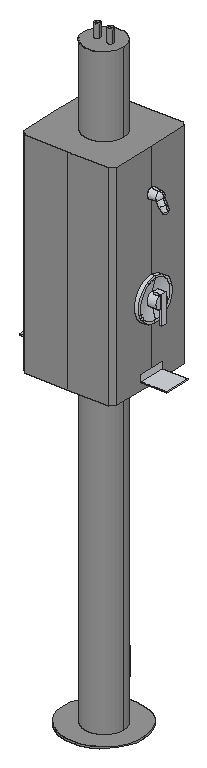
Revit family "Column_Shower-Willoughby-CWCSY-3", category Plumbing Fixtures, Revit 2015
Parameters (values of type "Standard")
  water line = Copper
  Waste Connection = no
  Vent Connection = no
  URL = "https://www.willoughby-ind.com/wp-content/uploads/2018/01/CWCSY.pdf"
  Revision = "A"
  Model = "CWCSY-3"
  Manufacturer = "Willoughby Industries"
  HW Connection = yes
  HCW DIA = 3/4"
  Fixture Body = Stainless Steel AISI 304-Willoughby
  Description = "3 Station Column Shower"
  Default Elevation = 0' - 0"
  Contact = "(800) 428-4065"
  CW Connection = yes
Reference planes (in)
  plane 1 "Center (Front/Back)": y = 0
  plane 2: z = 0
  plane 3 "Center (Left/Right)": x = 0
  plane 4 "Top Mounting Tube HGT": z = 92
  plane 5 "Shower Head HGT": z = 72
  plane 6 "Valve HGT": z = 60
  plane 7 "Soap dish HGT": z = 42
  plane 8 "Access": z = 6
  plane 9: x = -2
  plane 10: x = 2
  plane 11: x = -7.9375
  plane 12: x = 7.9375
  plane 13: through (0, 0, 48) normal (-0.866, -0.5, 0)
  plane 14: x = 1
  plane 15: x = -1
Forms (in)
  Extrusion 1, solid, material "Stainless Steel AISI 304-Willoughby" <- "Fixture Body", detail levels fine
    sketch origin (0, 0, 0) x (1, 0, 0) y (0, 1, 0)
      loop
        circle (0, 0) r 6
    from 0 to 0.25
  Extrusion 2, solid, material "Stainless Steel AISI 304-Willoughby" <- "Fixture Body"
    sketch origin (0, 0, 0) x (1, 0, 0) y (0, 1, 0)
      loop
        circle (0, 0) r 3
    from 0 to 92
  Extrusion 3, solid, material "Stainless Steel AISI 304-Willoughby" <- "Fixture Body", detail levels fine
    sketch origin (0, 0, 6) x (1, 0, 0) y (0, 1, 0)
      loop
        line (2, 2.23607) -> (2.07433, 2.3104)
        arc (2.07433, 2.3104) -> (0, 3.10614) -> (-2.07433, 2.3104) r 3.10151
        line (-2.07433, 2.3104) -> (-2, 2.23607)
        arc (-2, 2.23607) -> (0, 3.03719) -> (2, 2.23607) r 2.89705
    from 0 to 4
  Extrusion 4, solid, material "Stainless Steel AISI 304-Willoughby" <- "Fixture Body"
    sketch origin (0, 0, 0) x (1, 0, 0) y (0, 1, 0)
      loop
        line (0, -7) -> (6.29289, -7) -> (7, -6.29289) -> (7, 0) -> (7, 6.29289) -> (6.29289, 7) -> (0, 7) -> (-6.29289, 7) -> (-7, 6.29289) -> (-7, 0) -> (-7, -6.29289) -> (-6.29289, -7) -> (0, -7)
    from 48 to 80
  Revolve 5, solid, material "Copper" <- "water line", detail levels fine
    sketch origin (0, 0, 0) x (1, 0, 0) y (0, 0, 1)
      loop
        line (1, 92) -> (1, 94) -> (0.625, 94) -> (0.625, 92) -> (1, 92)
      axis (1, 94) -> (1, 92)
    angle from 0 to 360
  Revolve 6, solid, material "Copper" <- "water line", detail levels fine
    sketch origin (0, 0, 0) x (1, 0, 0) y (0, 0, 1)
      loop
        line (-1, 92) -> (-1, 94) -> (-1.375, 94) -> (-1.375, 92) -> (-1, 92)
      axis (-1, 94) -> (-1, 92)
    angle from 0 to 360
  Revolve 7, solid
    sketch origin (-0.8125, 0, 0) x (1, 0, 0) y (0, 0, 1)
      loop
        line (7.8125, 73.875) -> (9.6875, 73.875)
        arc (9.6875, 73.875) -> (9.56694, 74.29105) -> (9.1875, 74.5) r 0.56596
        line (9.1875, 74.5) -> (8.0625, 74.625) -> (7.8125, 74.625) -> (7.8125, 73.875)
      axis (7.8125, 73.875) -> (9.6875, 73.875)
    angle from 0 to 360
  Revolve 8, solid
    sketch origin (-0.8125, 0, 0) x (1, 0, 0) y (0, 0, 1)
      loop
        line (9.1875, 73.625) -> (8.75449, 73.375) -> (9.25449, 72.50897) -> (9.73774, 71.92196)
        arc (9.73774, 71.92196) -> (9.95634, 71.81003) -> (10.1875, 71.89295) r 0.30889
        line (10.1875, 71.89295) -> (9.1875, 73.625)
      axis (9.1875, 73.625) -> (10.1875, 71.89295)
    angle from 0 to 360
  Extrusion 9, solid
    sketch origin (-0.8125, 0, 0) x (1, 0, 0) y (0, 0, 1)
      loop
        line (7.8125, 49.25) -> (11.8125, 49.25) -> (11.8125, 49.37) -> (7.9325, 49.37) -> (7.9325, 50.25) -> (7.8125, 50.25) -> (7.8125, 49.25)
    from -2 to 2
  Revolve 10, solid
    sketch origin (-0.8125, 0, 0) x (1, 0, 0) y (0, 0, 1)
      loop
        line (7.8125, 59.75) -> (9.4925, 59.75) -> (9.4925, 60.75) -> (8.08528, 60.75)
        arc (8.08528, 60.75) -> (8.27532, 61.66598) -> (8.5425, 62.5625) r 11
        line (8.5425, 62.5625) -> (8.5425, 62.875) -> (7.8125, 62.875) -> (7.8125, 59.75)
      axis (7.8125, 59.75) -> (9.4925, 59.75)
    angle from 0 to 360
  Extrusion 11, solid
    sketch origin (-0.8125, 0, 0) x (1, 0, 0) y (0, 0, 1)
      loop
        line (9.4925, 56.75) -> (9.805, 56.75) -> (9.805, 61) -> (8.6175, 61) -> (8.6175, 60.5) -> (9.4925, 60.5) -> (9.4925, 56.75)
    from -0.375 to 0.375
  Revolve 12, solid, not visible
    sketch origin (-0.8125, 0, 0) x (1, 0, 0) y (0, 0, 1)
      loop
        line (7.8125, 73.875) -> (9.6875, 73.875)
        arc (9.6875, 73.875) -> (9.56694, 74.29105) -> (9.1875, 74.5) r 0.56596
        line (9.1875, 74.5) -> (8.0625, 74.625) -> (7.8125, 74.625) -> (7.8125, 73.875)
      axis (7.8125, 73.875) -> (9.6875, 73.875)
    angle from 0 to 360
  Revolve 13, solid, not visible
    sketch origin (-0.8125, 0, 0) x (1, 0, 0) y (0, 0, 1)
      loop
        line (9.1875, 73.625) -> (8.75449, 73.375) -> (9.25449, 72.50897) -> (9.73774, 71.92196)
        arc (9.73774, 71.92196) -> (9.95634, 71.81003) -> (10.1875, 71.89295) r 0.30889
        line (10.1875, 71.89295) -> (9.1875, 73.625)
      axis (9.1875, 73.625) -> (10.1875, 71.89295)
    angle from 0 to 360
  Extrusion 14, solid, not visible
    sketch origin (-0.8125, 0, 0) x (1, 0, 0) y (0, 0, 1)
      loop
        line (7.8125, 49.25) -> (11.8125, 49.25) -> (11.8125, 49.37) -> (7.9325, 49.37) -> (7.9325, 50.25) -> (7.8125, 50.25) -> (7.8125, 49.25)
    from -2 to 2
  Revolve 15, solid, not visible
    sketch origin (-0.8125, 0, 0) x (1, 0, 0) y (0, 0, 1)
      loop
        line (7.8125, 59.75) -> (9.4925, 59.75) -> (9.4925, 60.75) -> (8.08528, 60.75)
        arc (8.08528, 60.75) -> (8.27532, 61.66598) -> (8.5425, 62.5625) r 11
        line (8.5425, 62.5625) -> (8.5425, 62.875) -> (7.8125, 62.875) -> (7.8125, 59.75)
      axis (7.8125, 59.75) -> (9.4925, 59.75)
    angle from 0 to 360
  Extrusion 16, solid, not visible
    sketch origin (-0.8125, 0, 0) x (1, 0, 0) y (0, 0, 1)
      loop
        line (9.4925, 56.75) -> (9.805, 56.75) -> (9.805, 61) -> (8.6175, 61) -> (8.6175, 60.5) -> (9.4925, 60.5) -> (9.4925, 56.75)
    from -0.375 to 0.375
  Revolve 17, solid
    sketch origin (0.8125, 0, 0) x (-1, 0, 0) y (0, 0, 1)
      loop
        line (7.8125, 73.875) -> (9.6875, 73.875)
        arc (9.6875, 73.875) -> (9.56694, 74.29105) -> (9.1875, 74.5) r 0.56596
        line (9.1875, 74.5) -> (8.0625, 74.625) -> (7.8125, 74.625) -> (7.8125, 73.875)
      axis (7.8125, 73.875) -> (9.6875, 73.875)
    angle from 0 to 360
  Revolve 18, solid
    sketch origin (0.8125, 0, 0) x (-1, 0, 0) y (0, 0, 1)
      loop
        line (9.1875, 73.625) -> (8.75449, 73.375) -> (9.25449, 72.50897) -> (9.73774, 71.92196)
        arc (9.73774, 71.92196) -> (9.95634, 71.81003) -> (10.1875, 71.89295) r 0.30889
        line (10.1875, 71.89295) -> (9.1875, 73.625)
      axis (9.1875, 73.625) -> (10.1875, 71.89295)
    angle from 0 to 360
  Extrusion 19, solid
    sketch origin (0.8125, 0, 0) x (-1, 0, 0) y (0, 0, 1)
      loop
        line (7.8125, 49.25) -> (11.8125, 49.25) -> (11.8125, 49.37) -> (7.9325, 49.37) -> (7.9325, 50.25) -> (7.8125, 50.25) -> (7.8125, 49.25)
    from -2 to 2
  Revolve 20, solid
    sketch origin (0.8125, 0, 0) x (-1, 0, 0) y (0, 0, 1)
      loop
        line (7.8125, 59.75) -> (9.4925, 59.75) -> (9.4925, 60.75) -> (8.08528, 60.75)
        arc (8.08528, 60.75) -> (8.27532, 61.66598) -> (8.5425, 62.5625) r 11
        line (8.5425, 62.5625) -> (8.5425, 62.875) -> (7.8125, 62.875) -> (7.8125, 59.75)
      axis (7.8125, 59.75) -> (9.4925, 59.75)
    angle from 0 to 360
  Extrusion 21, solid
    sketch origin (0.8125, 0, 0) x (-1, 0, 0) y (0, 0, 1)
      loop
        line (9.4925, 56.75) -> (9.805, 56.75) -> (9.805, 61) -> (8.6175, 61) -> (8.6175, 60.5) -> (9.4925, 60.5) -> (9.4925, 56.75)
    from -0.375 to 0.375
  Revolve 22, solid
    sketch origin (0, -0.8125, 0) x (0, 1, 0) y (0, 0, 1)
      loop
        line (7.8125, 73.875) -> (9.6875, 73.875)
        arc (9.6875, 73.875) -> (9.56694, 74.29105) -> (9.1875, 74.5) r 0.56596
        line (9.1875, 74.5) -> (8.0625, 74.625) -> (7.8125, 74.625) -> (7.8125, 73.875)
      axis (7.8125, 73.875) -> (9.6875, 73.875)
    angle from 0 to 360
  Revolve 23, solid
    sketch origin (0, -0.8125, 0) x (0, 1, 0) y (0, 0, 1)
      loop
        line (9.1875, 73.625) -> (8.75449, 73.375) -> (9.25449, 72.50897) -> (9.73774, 71.92196)
        arc (9.73774, 71.92196) -> (9.95634, 71.81003) -> (10.1875, 71.89295) r 0.30889
        line (10.1875, 71.89295) -> (9.1875, 73.625)
      axis (9.1875, 73.625) -> (10.1875, 71.89295)
    angle from 0 to 360
  Extrusion 24, solid
    sketch origin (0, -0.8125, 0) x (0, 1, 0) y (0, 0, 1)
      loop
        line (7.8125, 49.25) -> (11.8125, 49.25) -> (11.8125, 49.37) -> (7.9325, 49.37) -> (7.9325, 50.25) -> (7.8125, 50.25) -> (7.8125, 49.25)
    from -2 to 2
  Revolve 25, solid
    sketch origin (0, -0.8125, 0) x (0, 1, 0) y (0, 0, 1)
      loop
        line (7.8125, 59.75) -> (9.4925, 59.75) -> (9.4925, 60.75) -> (8.08528, 60.75)
        arc (8.08528, 60.75) -> (8.27532, 61.66598) -> (8.5425, 62.5625) r 11
        line (8.5425, 62.5625) -> (8.5425, 62.875) -> (7.8125, 62.875) -> (7.8125, 59.75)
      axis (7.8125, 59.75) -> (9.4925, 59.75)
    angle from 0 to 360
  Extrusion 26, solid
    sketch origin (0, -0.8125, 0) x (0, 1, 0) y (0, 0, 1)
      loop
        line (9.4925, 56.75) -> (9.805, 56.75) -> (9.805, 61) -> (8.6175, 61) -> (8.6175, 60.5) -> (9.4925, 60.5) -> (9.4925, 56.75)
    from -0.375 to 0.375
Lines and regions (in)
  symbolic lines
    curve 1: line (3, 0, 0) -> (3, 0, 91.75)
    curve 2: line (-3, 0, 91.75) -> (-3, 0, 0)
    curve 3: line (-3, 0, 0) -> (3, 0, 0)
    curve 4: line (-3, 0, 0) -> (-4, 0, 0)
    curve 5: line (-4, 0, 0) -> (-4, 0, -0.25)
    curve 6: line (-4, 0, -0.25) -> (4, 0, -0.25)
    curve 7: line (4, 0, -0.25) -> (4, 0, 0)
    curve 8: line (0, -3, 0) -> (0, -3, 90)
    curve 9: line (0, 3, 90) -> (0, 3, 0)
    curve 10: line (0, 7, 0) -> (0, -7, 0)
    curve 11: line (0, -7, 0) -> (0, -7, -0.25)
    curve 12: line (0, -7, -0.25) -> (0, 7, -0.25)
    curve 13: line (0, 7, -0.25) -> (0, 7, 0)
    curve 14: circle (0, 0, 92) r 3 normal (0, 0, 1)
    curve 15: line (3, 0, 0) -> (4, 0, 0)
    curve 16: line (7.9375, 4, 0) -> (7.9375, -4, 0)
    curve 23: circle (0, 0, 0) r 3 normal (0, 0, 1)
    curve 24: line (7.9375, 0, 48) -> (7.9375, 0, 80)
    curve 25: line (7.9375, 0, 80) -> (-7.9375, 0, 80)
    curve 26: line (-7.9375, 0, 80) -> (-7.9375, 0, 48)
    curve 27: line (-7.9375, 0, 48) -> (8.3125, 0, 48)
    curve 28: line (7.43285, 0, 48) -> (7.43285, 0, 80)
    curve 29: line (0.50465, 0, 48) -> (0.50465, 0, 80)
    curve 30: line (-0.50465, 0, 80) -> (-0.50465, 0, 48)
    curve 31: line (-7.43285, 0, 48) -> (-7.43285, 0, 80)
    curve 33: line (8.36057, 0, 73.66229) -> (8.31197, 0, 73.71088)
    curve 54: line (-3.96875, 0, 73.61877) -> (-3.90178, 0, 73.79323)
    curve 55: line (-4.95632, 0, 73.97917) -> (-4.92805, 0, 74.13951)
    curve 56: spline (-4.92805, 0, 74.13951) -> (-4.88648, 0, 74.205) -> (-4.81277, 0, 74.25423) -> (-4.71195, 0, 74.28383) -> (-4.59088, 0, 74.29181) -> (-4.45783, 0, 74.2776) -> (-4.32185, 0, 74.24219) -> (-4.19221, 0, 74.18797) -> (-4.07775, 0, 74.11866) -> (-3.98627, 0, 74.03897) -> (-3.92399, 0, 73.95433) -> (-3.89518, 0, 73.87051) -> (-3.90178, 0, 73.79323)
    curve 61: spline (-3.90178, 0, 73.79323) -> (-3.89518, 0, 73.87051) -> (-3.92399, 0, 73.95433) -> (-3.98627, 0, 74.03897) -> (-4.07775, 0, 74.11866) -> (-4.19221, 0, 74.18797) -> (-4.32185, 0, 74.24219) -> (-4.45783, 0, 74.2776) -> (-4.59088, 0, 74.29181) -> (-4.71195, 0, 74.28383) -> (-4.81277, 0, 74.25423) -> (-4.88648, 0, 74.205) -> (-4.92805, 0, 74.13951)
    curve 67: line (-8.3115, 0, 73.71061) -> (-9.26816, 0, 74.26503)
    curve 75: line (8.46783, 0, 62.46967) -> (7.9375, 0, 63)
    curve 85: line (9.4375, 0, 56.75) -> (9.4375, 0, 58.75)
    curve 90: line (4.64399, 0, 56.75) -> (4.39399, 0, 56.75)
    curve 104: line (-4.39399, 0, 61.25) -> (-5.29351, 0, 61.25)
    curve 111: line (-7.9375, 0, 63) -> (-8.46783, 0, 62.46967)
    curve 112: line (-8.46783, 0, 62.46967) -> (-8.46783, 0, 57.53033)
    curve 113: line (-8.46783, 0, 57.53033) -> (-7.9375, 0, 57)
    curve 114: line (-8.46783, 0, 61.25) -> (-9.9375, 0, 61.25)
    curve 115: line (-9.9375, 0, 61.25) -> (-9.9375, 0, 56.75)
    curve 116: line (-9.9375, 0, 56.75) -> (-9.4375, 0, 56.75)
    curve 117: line (-9.4375, 0, 56.75) -> (-9.4375, 0, 61.25)
    curve 118: line (-9.4375, 0, 58.75) -> (-8.46783, 0, 58.75)
    curve 119: line (-8.46783, 0, 62.46967) -> (-8.46783, 0, 61.25)
    curve 120: line (0, 8.87408, 80) -> (0, -8.87408, 80)
    curve 121: line (0, -8.87408, 80) -> (0, -8.87408, 48)
    curve 122: line (0, -8.87408, 48) -> (0, 8.87408, 48)
    curve 123: line (0, 8.87408, 48) -> (0, 8.87408, 80)
    curve 124: line (0, 4.87408, 80) -> (0, 4.87408, 48)
    curve 125: line (0, 4, 48) -> (0, 4, 80)
    curve 126: line (0, -4.36943, 80) -> (0, -4.36943, 48)
    curve 127: line (0, -4.87408, 48) -> (0, -4.87408, 80)
    curve 132: arc (0, -0.56081, 73.98177) -> (0, -0.54398, 74.03846) -> (0, -0.51433, 74.08962) r 0.25036
    curve 149: line (0, -8.0385, 72.27148) -> (0, -7.11978, 73.74175)
    curve 198: line (0, -3, 92) -> (0, 3, 92)
    curve 199: line (0, 0.375, 94) -> (0, 0.375, 92)
    curve 200: line (0, -0.375, 94) -> (0, 0.375, 94)
    curve 201: line (0, -0.375, 94) -> (0, -0.375, 92)
    curve 208: line (-7.9375, -4, 0) -> (-7.9375, 4, 0)
    curve 215: line (-4, 7.9375, 0) -> (4, 7.9375, 0)
  symbolic lines, detail levels fine
    curve 17: line (8.625, -1.25, 0) -> (7.65533, -1.25, 0)
    curve 18: line (8.625, 1.25, 0) -> (7.65533, 1.25, 0)
    curve 19: line (8.625, 1.25, 0) -> (8.625, -1.25, 0)
    curve 20: line (9.125, 0.375, 0) -> (8.625, 0.375, 0)
    curve 21: line (9.125, 0.375, 0) -> (9.125, -0.375, 0)
    curve 22: line (9.125, -0.375, 0) -> (8.625, -0.375, 0)
    curve 32: line (7.9375, 0, 73.61034) -> (8.36057, 0, 73.66229)
    curve 34: line (8.31197, 0, 73.71088) -> (9.34944, 0, 72.23861)
    curve 35: arc (9.34944, 0, 72.23861) -> (9.90023, 0, 72.07183) -> (10.02935, 0, 72.63265) r 0.39382
    curve 36: line (10.02935, 0, 72.63265) -> (9.38778, 0, 74.00851)
    curve 37: arc (9.38778, 0, 74.00851) -> (9.40822, 0, 74.44161) -> (9.133, 0, 74.77664) r 0.60351
    curve 38: line (9.133, 0, 74.77664) -> (7.9375, 0, 74.88123)
    curve 39: line (8.31197, 0, 73.71088) -> (9.26816, 0, 74.26503)
    curve 40: line (9.26816, 0, 74.26503) -> (9.38778, 0, 74.00851)
    curve 41: line (9.34944, 0, 72.23861) -> (8.31197, 0, 73.71088)
    curve 42: line (3.96875, 0, 73.61877) -> (4.46635, 0, 72.32247)
    curve 43: line (4.9522, 0, 73.99137) -> (5.2249, 0, 72.54154)
    curve 44: arc (5.2249, 0, 72.54154) -> (4.96293, 0, 72.02583) -> (4.46635, 0, 72.32247) r 0.3957
    curve 45: spline (3.95552, 0, 73.61369) -> (3.8169, 0, 73.6353) -> (3.68773, 0, 73.69866) -> (3.57681, 0, 73.79945) -> (3.49169, 0, 73.9308) -> (3.43819, 0, 74.08376) -> (3.41994, 0, 74.24791) -> (3.43819, 0, 74.41206) -> (3.49169, 0, 74.56502) -> (3.57681, 0, 74.69638) -> (3.68773, 0, 74.79717) -> (3.8169, 0, 74.86052) -> (3.95552, 0, 74.88214)
    curve 46: line (3.96875, 0, 74.88123) -> (4.63496, 0, 74.77099)
    curve 47: arc (4.63496, 0, 74.77099) -> (4.98675, 0, 74.44826) -> (4.94127, 0, 73.97303) r 0.53559
    curve 48: spline (4.93355, 0, 74.10241) -> (4.89669, 0, 74.1677) -> (4.82619, 0, 74.21885) -> (4.72687, 0, 74.25238) -> (4.60548, 0, 74.26601) -> (4.47031, 0, 74.2588) -> (4.33056, 0, 74.23125) -> (4.19576, 0, 74.18523) -> (4.0751, 0, 74.12389) -> (3.97679, 0, 74.0514) -> (3.90753, 0, 73.9727) -> (3.87206, 0, 73.89315) -> (3.87278, 0, 73.81818)
    curve 49: line (3.87278, 0, 73.81818) -> (3.96875, 0, 73.61877)
    curve 50: line (4.93355, 0, 74.10241) -> (4.95728, 0, 73.97624)
    curve 51: line (-4.95632, 0, 73.97917) -> (-5.2168, 0, 72.50196)
    curve 52: line (-3.96875, 0, 73.61877) -> (-4.47409, 0, 72.30231)
    curve 53: arc (-4.47409, 0, 72.30231) -> (-4.95048, 0, 72.01139) -> (-5.2168, 0, 72.50196) r 0.38503
    curve 57: arc (-3.96875, 0, 73.61877) -> (-3.40713, 0, 74.28457) -> (-4.05595, 0, 74.86572) r 0.62528
    curve 58: line (-4.05595, 0, 74.86572) -> (-4.5665, 0, 74.77664)
    curve 59: arc (-4.5665, 0, 74.77664) -> (-4.96481, 0, 74.47733) -> (-4.95632, 0, 73.97917) r 0.54824
    curve 60: arc (-4.5665, 0, 74.77664) -> (-4.21373, 0, 74.56609) -> (-4.11316, 0, 74.16776) r 0.53677
    curve 62: line (-7.9375, 0, 74.88182) -> (-9.133, 0, 74.77664)
    curve 63: arc (-9.133, 0, 74.77664) -> (-9.40713, 0, 74.44116) -> (-9.38785, 0, 74.00836) r 0.60717
    curve 64: line (-9.26816, 0, 74.26503) -> (-10.02935, 0, 72.63265)
    curve 65: arc (-10.02935, 0, 72.63265) -> (-9.91054, 0, 72.05405) -> (-9.34944, 0, 72.23861) r 0.39555
    curve 66: line (-9.34944, 0, 72.23861) -> (-8.3115, 0, 73.71061)
    curve 69: line (-1.375, 0, 92) -> (-1.375, 0, 94)
    curve 70: line (-1.375, 0, 94) -> (-0.625, 0, 94)
    curve 71: line (-0.625, 0, 94) -> (-0.625, 0, 92)
    curve 72: line (0.625, 0, 92) -> (0.625, 0, 94)
    curve 73: line (0.625, 0, 94) -> (1.375, 0, 94)
    curve 74: line (1.375, 0, 94) -> (1.375, 0, 92)
    curve 76: line (8.46783, 0, 62.46967) -> (7.9375, 0, 63)
    curve 77: line (8.46783, 0, 62.46967) -> (8.46783, 0, 57.53033)
    curve 78: line (8.46783, 0, 57.53033) -> (7.9375, 0, 57)
    curve 79: line (8.46783, 0, 58.75) -> (9.4375, 0, 58.75)
    curve 80: line (9.4375, 0, 58.75) -> (9.4375, 0, 61.25)
    curve 81: line (9.4375, 0, 61.25) -> (8.46783, 0, 61.25)
    curve 82: line (9.4375, 0, 61.25) -> (9.9375, 0, 61.25)
    curve 83: line (9.9375, 0, 61.25) -> (9.9375, 0, 56.75)
    curve 84: line (9.9375, 0, 56.75) -> (9.4375, 0, 56.75)
    curve 86: line (4.64399, 0, 61.25) -> (5.29351, 0, 61.25)
    curve 87: line (5.29351, 0, 61.25) -> (5.29351, 0, 56.75)
    curve 88: line (5.29351, 0, 56.75) -> (4.64399, 0, 56.75)
    curve 89: line (4.64399, 0, 56.75) -> (4.64399, 0, 61.25)
    curve 91: line (4.39399, 0, 56.75) -> (4.39399, 0, 61.25)
    curve 92: arc (5.29351, 0, 61) -> (5.81877, 0, 60) -> (5.29351, 0, 59) r 1.21454
    curve 93: spline (4.39399, 0, 61.25) -> (4.07047, 0, 61.20741) -> (3.76899, 0, 61.08253) -> (3.51011, 0, 60.88388) -> (3.31146, 0, 60.625) -> (3.18658, 0, 60.32352) -> (3.14399, 0, 60) -> (3.18658, 0, 59.67648) -> (3.31146, 0, 59.375) -> (3.51011, 0, 59.11612) -> (3.76899, 0, 58.91747) -> (4.07047, 0, 58.79259) -> (4.39399, 0, 58.75)
    curve 94: spline (4.39399, 0, 58.81402) -> (4.19988, 0, 58.85445) -> (4.01899, 0, 58.97298) -> (3.86366, 0, 59.16154) -> (3.74447, 0, 59.40728) -> (3.66955, 0, 59.69344) -> (3.64399, 0, 60.00053) -> (3.66955, 0, 60.30762) -> (3.74447, 0, 60.59379) -> (3.86366, 0, 60.83952) -> (4.01899, 0, 61.02808) -> (4.19988, 0, 61.14662) -> (4.39399, 0, 61.18704)
    curve 95: spline (4.23392, 0, 62.46967) -> (3.67586, 0, 62.38552) -> (3.15584, 0, 62.1388) -> (2.70928, 0, 61.74632) -> (2.36663, 0, 61.23483) -> (2.15123, 0, 60.6392) -> (2.07776, 0, 60) -> (2.15123, 0, 59.3608) -> (2.36663, 0, 58.76517) -> (2.70928, 0, 58.25368) -> (3.15584, 0, 57.8612) -> (3.67586, 0, 57.61448) -> (4.23392, 0, 57.53033)
    curve 96: spline (4.23392, 0, 57.53033) -> (4.78826, 0, 57.61448) -> (5.30483, 0, 57.8612) -> (5.74841, 0, 58.25368) -> (6.08879, 0, 58.76517) -> (6.30276, 0, 59.3608) -> (6.37574, 0, 60) -> (6.30276, 0, 60.6392) -> (6.08879, 0, 61.23483) -> (5.74841, 0, 61.74632) -> (5.30483, 0, 62.1388) -> (4.78826, 0, 62.38552) -> (4.23392, 0, 62.46967)
    curve 97: spline (3.96875, 0, 63) -> (3.29526, 0, 62.89778) -> (2.66766, 0, 62.59808) -> (2.12874, 0, 62.12132) -> (1.7152, 0, 61.5) -> (1.45525, 0, 60.77646) -> (1.36658, 0, 60) -> (1.45525, 0, 59.22354) -> (1.7152, 0, 58.5) -> (2.12874, 0, 57.87868) -> (2.66766, 0, 57.40192) -> (3.29526, 0, 57.10222) -> (3.96875, 0, 57)
    curve 98: spline (3.96875, 0, 57) -> (4.64775, 0, 57.10222) -> (5.28047, 0, 57.40192) -> (5.8238, 0, 57.87868) -> (6.24071, 0, 58.5) -> (6.50279, 0, 59.22354) -> (6.59219, 0, 60) -> (6.50279, 0, 60.77646) -> (6.24071, 0, 61.5) -> (5.8238, 0, 62.12132) -> (5.28047, 0, 62.59808) -> (4.64775, 0, 62.89778) -> (3.96875, 0, 63)
    curve 99: spline (-3.96875, 0, 63) -> (-4.6392, 0, 62.89778) -> (-5.26395, 0, 62.59808) -> (-5.80044, 0, 62.12132) -> (-6.2121, 0, 61.5) -> (-6.47089, 0, 60.77646) -> (-6.55915, 0, 60) -> (-6.47089, 0, 59.22354) -> (-6.2121, 0, 58.5) -> (-5.80044, 0, 57.87868) -> (-5.26395, 0, 57.40192) -> (-4.6392, 0, 57.10222) -> (-3.96875, 0, 57)
    curve 100: spline (-3.96875, 0, 57) -> (-3.29858, 0, 57.10222) -> (-2.67408, 0, 57.40192) -> (-2.13781, 0, 57.87868) -> (-1.72632, 0, 58.5) -> (-1.46764, 0, 59.22354) -> (-1.37941, 0, 60) -> (-1.46764, 0, 60.77646) -> (-1.72632, 0, 61.5) -> (-2.13781, 0, 62.12132) -> (-2.67408, 0, 62.59808) -> (-3.29858, 0, 62.89778) -> (-3.96875, 0, 63)
    curve 101: spline (-4.23392, 0, 61.25) -> (-3.94915, 0, 61.20741) -> (-3.68378, 0, 61.08253) -> (-3.45591, 0, 60.88388) -> (-3.28106, 0, 60.625) -> (-3.17114, 0, 60.32352) -> (-3.13365, 0, 60) -> (-3.17114, 0, 59.67648) -> (-3.28106, 0, 59.375) -> (-3.45591, 0, 59.11612) -> (-3.68378, 0, 58.91747) -> (-3.94915, 0, 58.79259) -> (-4.23392, 0, 58.75)
    curve 102: spline (-4.39399, 0, 61.25) -> (-4.19988, 0, 61.20834) -> (-4.01899, 0, 61.08619) -> (-3.86366, 0, 60.89189) -> (-3.74447, 0, 60.63867) -> (-3.66955, 0, 60.34379) -> (-3.64399, 0, 60.02734) -> (-3.66955, 0, 59.71089) -> (-3.74447, 0, 59.41601) -> (-3.86366, 0, 59.16279) -> (-4.01899, 0, 58.96849) -> (-4.19988, 0, 58.84634) -> (-4.39399, 0, 58.80468)
    curve 103: spline (-5.29351, 0, 61.05399) -> (-5.42292, 0, 61.01786) -> (-5.54351, 0, 60.9119) -> (-5.64706, 0, 60.74335) -> (-5.72652, 0, 60.5237) -> (-5.77647, 0, 60.2679) -> (-5.79351, 0, 59.9934) -> (-5.77647, 0, 59.7189) -> (-5.72652, 0, 59.4631) -> (-5.64706, 0, 59.24345) -> (-5.54351, 0, 59.0749) -> (-5.42292, 0, 58.96894) -> (-5.29351, 0, 58.93281)
    curve 105: line (-5.29351, 0, 61.25) -> (-5.29351, 0, 56.75)
    curve 106: line (-5.29351, 0, 56.75) -> (-4.39399, 0, 56.75)
    curve 107: line (-4.39399, 0, 56.75) -> (-4.39399, 0, 61.25)
    curve 108: line (-4.64399, 0, 61.25) -> (-4.64399, 0, 56.75)
    curve 109: spline (-4.23392, 0, 62.46967) -> (-3.68541, 0, 62.38552) -> (-3.17429, 0, 62.1388) -> (-2.73538, 0, 61.74632) -> (-2.3986, 0, 61.23483) -> (-2.18688, 0, 60.6392) -> (-2.11467, 0, 60) -> (-2.18688, 0, 59.3608) -> (-2.3986, 0, 58.76517) -> (-2.73538, 0, 58.25368) -> (-3.17429, 0, 57.8612) -> (-3.68541, 0, 57.61448) -> (-4.23392, 0, 57.53033)
    curve 110: spline (-4.23392, 0, 57.53033) -> (-4.81626, 0, 57.61448) -> (-5.35892, 0, 57.8612) -> (-5.82491, 0, 58.25368) -> (-6.18247, 0, 58.76517) -> (-6.40725, 0, 59.3608) -> (-6.48392, 0, 60) -> (-6.40725, 0, 60.6392) -> (-6.18247, 0, 61.23483) -> (-5.82491, 0, 61.74632) -> (-5.35892, 0, 62.1388) -> (-4.81626, 0, 62.38552) -> (-4.23392, 0, 62.46967)
    curve 155: line (0, -7.98561, 61.25) -> (0, -8.79363, 61.25)
    curve 156: line (0, -8.79363, 61.25) -> (0, -8.79363, 56.75)
    curve 157: line (0, -7.98561, 56.75) -> (0, -7.98561, 61.25)
    curve 158: line (0, -8.41863, 61.25) -> (0, -8.41863, 56.75)
    curve 159: line (0, -7.98561, 58.75) -> (0, -7.33336, 58.75)
    curve 160: line (0, -7.98561, 61.25) -> (0, -7.33336, 61.25)
    curve 161: spline (0, -7.33336, 61.25) -> (0, -7.16974, 61.20741) -> (0, -7.01728, 61.08253) -> (0, -6.88636, 60.88388) -> (0, -6.7859, 60.625) -> (0, -6.72275, 60.32352) -> (0, -6.70121, 60) -> (0, -6.72275, 59.67648) -> (0, -6.7859, 59.375) -> (0, -6.88636, 59.11612) -> (0, -7.01728, 58.91747) -> (0, -7.16974, 58.79259) -> (0, -7.33336, 58.75)
    curve 162: spline (0, -7.33336, 62.46967) -> (0, -7.00983, 62.38552) -> (0, -6.70836, 62.1388) -> (0, -6.44947, 61.74632) -> (0, -6.25082, 61.23483) -> (0, -6.12595, 60.6392) -> (0, -6.08336, 60) -> (0, -6.12595, 59.3608) -> (0, -6.25082, 58.76517) -> (0, -6.44947, 58.25368) -> (0, -6.70836, 57.8612) -> (0, -7.00983, 57.61448) -> (0, -7.33336, 57.53033)
    curve 163: arc (0, -7.33336, 57.53033) -> (0, -7.70994, 57.63123) -> (0, -7.98561, 57.90691) r 0.75316
    curve 164: arc (0, -7.33336, 62.46967) -> (0, -8.05344, 62.01773) -> (0, -8.41863, 61.25) r 1.52149
    curve 165: line (0, -0.375, 61.25) -> (0, 0.375, 61.25)
    curve 166: line (0, 0.375, 61.25) -> (0, 0.375, 56.75)
    curve 167: line (0, 0.375, 56.75) -> (0, -0.375, 56.75)
    curve 168: line (0, -0.375, 56.75) -> (0, -0.375, 61.25)
    curve 169: arc (0, 0.375, 61.19401) -> (0, 1.25012, 60.00079) -> (0, 0.375, 58.80758) r 1.25103
    curve 170: arc (0, -0.375, 61.19242) -> (0, -1.25, 60) -> (0, -0.375, 58.80758) r 1.25
    curve 171: circle (0, 0, 60) r 2.46967 normal (1, 0, 0)
    curve 172: circle (0, 0, 60) r 3.02253 normal (1, 0, 0)
    curve 173: spline (0, -6.87408, 63) -> (0, -6.48585, 62.89778) -> (0, -6.12408, 62.59808) -> (0, -5.81342, 62.12132) -> (0, -5.57504, 61.5) -> (0, -5.42519, 60.77646) -> (0, -5.37408, 60) -> (0, -5.42519, 59.22354) -> (0, -5.57504, 58.5) -> (0, -5.81342, 57.87868) -> (0, -6.12408, 57.40192) -> (0, -6.48585, 57.10222) -> (0, -6.87408, 57)
    curve 174: arc (0, -6.87408, 57) -> (0, -7.26728, 57.0944) -> (0, -7.57477, 57.35702) r 0.86611
    curve 175: arc (0, -6.87408, 63) -> (0, -7.15896, 62.94692) -> (0, -7.40619, 62.79574) r 0.79918
    curve 176: arc (0, -7.40619, 62.79574) -> (0, -7.71666, 62.47485) -> (0, -7.97876, 62.11339) r 3.15766
    curve 177: arc (0, -7.98561, 61.17713) -> (0, -7.53676, 59.99215) -> (0, -7.98561, 58.80717) r 1.7886
    curve 178: line (0, 8.79363, 61.25) -> (0, 7.98561, 61.25)
    curve 179: line (0, 7.98561, 61.25) -> (0, 7.98561, 56.75)
    curve 180: line (0, 7.98561, 56.75) -> (0, 8.79363, 56.75)
    curve 181: line (0, 8.79363, 56.75) -> (0, 8.79363, 61.25)
    curve 182: line (0, 8.41863, 61.25) -> (0, 8.41863, 56.75)
    curve 183: line (0, 7.98561, 61.25) -> (0, 7.33336, 61.25)
    curve 184: spline (0, 7.33336, 61.25) -> (0, 7.16953, 61.20741) -> (0, 7.01686, 61.08253) -> (0, 6.88577, 60.88388) -> (0, 6.78517, 60.625) -> (0, 6.72194, 60.32352) -> (0, 6.70037, 60) -> (0, 6.72194, 59.67648) -> (0, 6.78517, 59.375) -> (0, 6.88577, 59.11612) -> (0, 7.01686, 58.91747) -> (0, 7.16953, 58.79259) -> (0, 7.33336, 58.75)
    curve 185: line (0, 7.33336, 58.75) -> (0, 7.98561, 58.75)
    curve 186: spline (0, 7.98561, 61.18269) -> (0, 7.87783, 61.14231) -> (0, 7.77739, 61.02393) -> (0, 7.69114, 60.83562) -> (0, 7.62495, 60.5902) -> (0, 7.58335, 60.30441) -> (0, 7.56916, 59.99771) -> (0, 7.58335, 59.69102) -> (0, 7.62495, 59.40522) -> (0, 7.69114, 59.1598) -> (0, 7.77739, 58.97149) -> (0, 7.87783, 58.85311) -> (0, 7.98561, 58.81273)
    curve 187: spline (0, 6.87408, 63) -> (0, 6.48585, 62.89778) -> (0, 6.12408, 62.59808) -> (0, 5.81342, 62.12132) -> (0, 5.57504, 61.5) -> (0, 5.42519, 60.77646) -> (0, 5.37408, 60) -> (0, 5.42519, 59.22354) -> (0, 5.57504, 58.5) -> (0, 5.81342, 57.87868) -> (0, 6.12408, 57.40192) -> (0, 6.48585, 57.10222) -> (0, 6.87408, 57)
    curve 188: spline (0, 7.33336, 57.53033) -> (0, 7.00983, 57.61448) -> (0, 6.70836, 57.8612) -> (0, 6.44947, 58.25368) -> (0, 6.25082, 58.76517) -> (0, 6.12595, 59.3608) -> (0, 6.08336, 60) -> (0, 6.12595, 60.6392) -> (0, 6.25082, 61.23483) -> (0, 6.44947, 61.74632) -> (0, 6.70836, 62.1388) -> (0, 7.00983, 62.38552) -> (0, 7.33336, 62.46967)
    curve 189: arc (0, 7.34213, 62.47394) -> (0, 7.71952, 62.34525) -> (0, 8.01011, 62.07223) r 0.94399
    curve 190: arc (0, 8.01011, 62.07223) -> (0, 8.23518, 61.67741) -> (0, 8.38962, 61.25) r 2.65552
    curve 191: arc (0, 7.33336, 57.53033) -> (0, 7.69712, 57.65343) -> (0, 7.98561, 57.90691) r 0.9796
    curve 192: arc (0, 6.87408, 57) -> (0, 7.18628, 57.06609) -> (0, 7.4507, 57.24476) r 0.83267
    curve 193: arc (0, 7.4507, 57.24476) -> (0, 7.60733, 57.38263) -> (0, 7.7452, 57.53926) r 1.6404
    curve 194: line (0, 7.7452, 57.53926) -> (0, 7.98752, 57.90565)
    curve 195: arc (0, 6.87408, 63) -> (0, 7.19639, 62.93023) -> (0, 7.47048, 62.74684) r 0.88109
    curve 196: arc (0, 7.47048, 62.74684) -> (0, 7.73729, 62.45185) -> (0, 7.96842, 62.12814) r 3.45492
    curve 209: line (-8.625, 1.25, 0) -> (-7.65533, 1.25, 0)
    curve 210: line (-8.625, -1.25, 0) -> (-7.65533, -1.25, 0)
    curve 211: line (-8.625, -1.25, 0) -> (-8.625, 1.25, 0)
    curve 212: line (-9.125, -0.375, 0) -> (-8.625, -0.375, 0)
    curve 213: line (-9.125, -0.375, 0) -> (-9.125, 0.375, 0)
    curve 214: line (-9.125, 0.375, 0) -> (-8.625, 0.375, 0)
    curve 216: line (1.25, 8.625, 0) -> (1.25, 7.65533, 0)
    curve 217: line (-1.25, 8.625, 0) -> (-1.25, 7.65533, 0)
    curve 218: line (-1.25, 8.625, 0) -> (1.25, 8.625, 0)
    curve 219: line (-0.375, 9.125, 0) -> (-0.375, 8.625, 0)
    curve 220: line (-0.375, 9.125, 0) -> (0.375, 9.125, 0)
    curve 221: line (0.375, 9.125, 0) -> (0.375, 8.625, 0)
  symbolic lines, detail levels coarse+fine
    curve 68: line (-8.35473, 0, 73.64931) -> (-7.9375, 0, 73.62013)
    curve 197: line (0, -8.79363, 56.75) -> (0, -7.98561, 56.75)
  symbolic lines, detail levels medium+fine
    curve 128: line (0, 0.56985, 73.98177) -> (0, 0.40311, 72.39536)
    curve 129: line (0, -0.53229, 73.9107) -> (0, -0.37302, 72.39536)
    curve 130: arc (0, 0.40311, 72.39536) -> (0, 0.01505, 72.0073) -> (0, -0.37302, 72.39536) r 0.38807
    curve 131: arc (0, 0.56985, 73.98177) -> (0, 0.00452, 74.88487) -> (0, -0.56081, 73.98177) r 0.6285
    curve 133: arc (0, 0.51356, 74.08962) -> (0, 0.55797, 74.04418) -> (0, 0.56985, 73.98177) r 0.11003
    curve 134: arc (0, 0.51356, 74.08962) -> (0, -0.00039, 74.7762) -> (0, -0.51433, 74.08962) r 0.53565
    curve 135: line (0, 6.87408, 74.88123) -> (0, 7.90941, 74.77664)
    curve 136: arc (0, 7.90941, 74.77664) -> (0, 8.21673, 74.45413) -> (0, 8.20415, 74.00883) r 0.57916
    curve 137: arc (0, 8.20415, 74.00883) -> (0, 8.47564, 73.28023) -> (0, 8.76141, 72.5571) r 39.54765
    curve 138: arc (0, 8.76141, 72.5571) -> (0, 8.546, 72.04649) -> (0, 8.03539, 72.26191) r 0.39187
    curve 139: arc (0, 8.03539, 72.26191) -> (0, 7.56685, 73.00091) -> (0, 7.10803, 73.74599) r 66.76917
    curve 140: arc (0, 7.10803, 73.74599) -> (0, 7.27765, 73.9473) -> (0, 7.50061, 74.08725) r 0.8523
    curve 141: line (0, 7.50061, 74.08725) -> (0, 7.68407, 73.98133)
    curve 142: arc (0, 7.68407, 73.98133) -> (0, 7.94349, 74.00666) -> (0, 8.20415, 74.00883) r 2.92823
    curve 143: line (0, 7.16602, 73.6506) -> (0, 6.87408, 73.61877)
    curve 144: spline (0, 6.87408, 73.61877) -> (0, 6.7921, 73.64028) -> (0, 6.71571, 73.70334) -> (0, 6.65011, 73.80365) -> (0, 6.59978, 73.93438) -> (0, 6.56813, 74.08662) -> (0, 6.55734, 74.25) -> (0, 6.56813, 74.41338) -> (0, 6.59978, 74.56562) -> (0, 6.65011, 74.69635) -> (0, 6.71571, 74.79666) -> (0, 6.7921, 74.85972) -> (0, 6.87408, 74.88123)
    curve 145: line (0, -6.87408, 74.88123) -> (0, -7.90941, 74.77664)
    curve 146: arc (0, -7.90941, 74.77664) -> (0, -8.22661, 74.45034) -> (0, -8.19336, 73.99649) r 0.55527
    curve 147: line (0, -8.19336, 73.99649) -> (0, -8.75527, 72.60571)
    curve 148: arc (0, -8.75527, 72.60571) -> (0, -8.57827, 72.04962) -> (0, -8.0385, 72.27148) r 0.39676
    curve 150: line (0, -7.17624, 73.6514) -> (0, -6.89832, 73.62219)
    curve 151: spline (0, -6.87408, 73.61877) -> (0, -6.79068, 73.64028) -> (0, -6.71297, 73.70334) -> (0, -6.64624, 73.80365) -> (0, -6.59503, 73.93438) -> (0, -6.56284, 74.08662) -> (0, -6.55186, 74.25) -> (0, -6.56284, 74.41338) -> (0, -6.59503, 74.56562) -> (0, -6.64624, 74.69635) -> (0, -6.71297, 74.79666) -> (0, -6.79068, 74.85972) -> (0, -6.87408, 74.88123)
    curve 152: arc (0, -7.5039, 74.08379) -> (0, -7.26411, 73.96637) -> (0, -7.11978, 73.74175) r 0.4966
    curve 153: line (0, -7.5039, 74.08379) -> (0, -7.68854, 73.97719)
    curve 154: arc (0, -7.68854, 73.97719) -> (0, -7.94041, 74.00096) -> (0, -8.19336, 73.99649) r 2.26377
  symbolic lines, not visible, detail levels fine
    curve 202: line (8.625, -1.25, 0) -> (7.65533, -1.25, 0)
    curve 203: line (8.625, 1.25, 0) -> (7.65533, 1.25, 0)
    curve 204: line (8.625, 1.25, 0) -> (8.625, -1.25, 0)
    curve 205: line (9.125, 0.375, 0) -> (8.625, 0.375, 0)
    curve 206: line (9.125, 0.375, 0) -> (9.125, -0.375, 0)
    curve 207: line (9.125, -0.375, 0) -> (8.625, -0.375, 0)
Dimensions and locks (in)
  plane 11 to plane 3 "Center (Left/Right)" = 0' - 7 15/16"
  plane 3 "Center (Left/Right)" to plane 12 = 0' - 7 15/16"
  Extrusion 4 to plane 4 "Top Mounting Tube HGT" = 1' - 0"
  aligned and locked: Extrusion 2 to level
  aligned and locked: Extrusion 3 to plane 8 "Access"
  aligned and locked: curve 3 to curve 15
  aligned and locked: plane 4 "Top Mounting Tube HGT" to Extrusion 2
  aligned and locked: Revolve 5 sketch curve to Revolve 5 sketch curve  (x2)
  aligned and locked: Revolve 6 sketch curve to Revolve 6 sketch curve  (x2)
  aligned and locked: Revolve 7 sketch curve to Revolve 7 sketch curve  (x2)
  aligned and locked: Revolve 8 sketch curve to Revolve 8 sketch curve  (x2)
  aligned and locked: Revolve 10 sketch curve to Revolve 10 sketch curve  (x2)
  aligned and locked: Revolve 12 sketch curve to Revolve 12 sketch curve  (x2)
  aligned and locked: Revolve 13 sketch curve to Revolve 13 sketch curve  (x2)
  aligned and locked: Revolve 15 sketch curve to Revolve 15 sketch curve  (x2)
  aligned and locked: Revolve 17 sketch curve to Revolve 17 sketch curve  (x2)
  aligned and locked: Revolve 18 sketch curve to Revolve 18 sketch curve  (x2)
  aligned and locked: Revolve 20 sketch curve to Revolve 20 sketch curve  (x2)
  aligned and locked: Revolve 22 sketch curve to Revolve 22 sketch curve  (x2)
  aligned and locked: Revolve 23 sketch curve to Revolve 23 sketch curve  (x2)
  aligned and locked: Revolve 25 sketch curve to Revolve 25 sketch curve  (x2)
Connectors (in)
  piping at (-1, 0, 94), diameter 0.75, driven by "HCW DIA", driven by "HW Connection"
    settings: on Revolve 6, index 1, connector inside diameter 24", connector length 0' - 0", flow factor 0, pipe flow 0 GPM, pressure drop 0.00 psi, fitting loss kfactor 0, connector angle 0.00°, fixture units 0, engagement length 0' - 0", angle of deflection 0.00°, flow configuration 0, flow direction 1, fitting loss method 0, system type 19, joint type 0, gender type 0, connector reference index -1, connector utility 1, adjustable connector no, is connector primary yes, connector description "HW Inlet"
  piping at (1, 0, 94), diameter 0.75, driven by "HCW DIA", driven by "CW Connection"
    settings: on Revolve 5, index 2, connector inside diameter 24", connector length 0' - 0", flow factor 0, pipe flow 0 GPM, pressure drop 0.00 psi, fitting loss kfactor 0, connector angle 0.00°, fixture units 0, engagement length 0' - 0", angle of deflection 0.00°, flow configuration 0, flow direction 1, fitting loss method 0, system type 20, joint type 0, gender type 0, connector reference index -1, connector utility 1, adjustable connector no, is connector primary no, connector description "CW Inlet"
